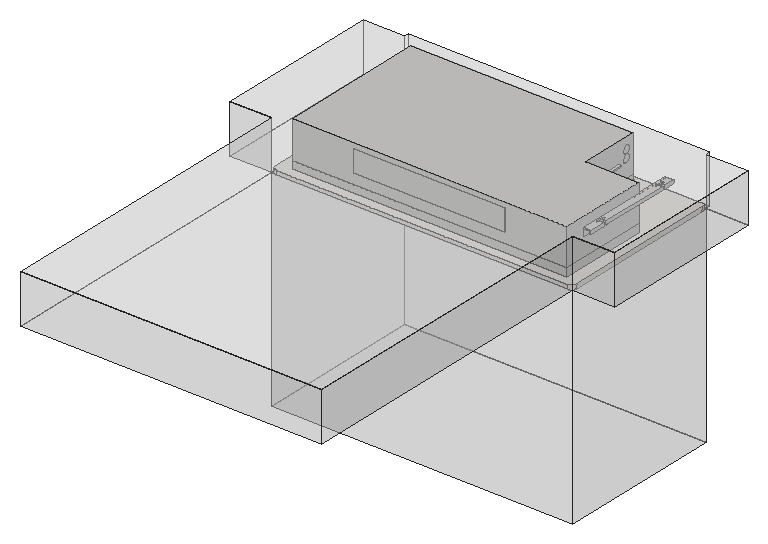
Revit family "outputfile", category 機械設備, Revit 2024
Family settings
  丸型コネクタ寸法 = 半径を使用
  パーツ タイプ = 標準
  OmniClass 番号 = 23.75.10.24.21.27.27
  OmniClass タイトル = Split System Air Conditioning Units
  作業面ベース = いいえ
  常に垂直 = はい
  ロード時にボイドで切り取り = いいえ
  注釈の向きを維持 = いいえ
  共有 = いいえ
  部屋計算ポイント = はい
Parameters (values of type "FXKQ63MAVE4")
  Description = ""
  製造元 = "Daikin"
  書き出し IFC クラス(タイプ) = "IfcUnitaryEquipmentType"
  定義済み IFC タイプ(タイプ) = "AIRCONDITIONINGUNIT"
  Cost = 0
  モデル = "FXKQ63MAVE4"
  Type Comments = ""
  Keynote = ""
  Type Image = (empty or 0)
  Assembly Code = ""
  w_mountinghole = if(Width = 1240.0 mm, 1150.0 mm, 1350.0 mm)  # 1350.0 mm
  w_casing = if(Width = 1240.0 mm, 1110.0 mm, 1310.0 mm)  # 1310.0 mm
  w_block = if(Width = 1240.0 mm, 520.0 mm, 720.0 mm)  # 720.0 mm
  r_OAduct = OA Duct Size Diameter / 2  # 37.5 mm
  r_Liquid Pipe Size = Liquid Pipe Size / 2  # 4.75 mm
  r_Gas Pipe Size = Gas Pipe Size / 2  # 7.95 mm
  r_Drain Pipe Size = Drain Pipe Size / 2  # 12.5 mm
  lw_powersuply = (Width - 130.0 mm) / 2 - 250.0 mm  # 405.0 mm
  lw_gaspipe = 148.0 mm  # constant formula
  lw_drainpipe = 67.0 mm  # constant formula
  lw_liquidpipe = 215.0 mm  # constant formula
  lw_OA = w_casing / 2  # 655.0 mm
  lh_powersuply = 165.0 mm  # constant formula
  lh_liquidpipe = 140.0 mm  # constant formula
  lh_gaspipe = 140.0 mm  # constant formula
  lh_drainpipe = 170.0 mm  # constant formula
  lh_OA = 65.0 mm  # constant formula
  ld_powersuply = 314.0 mm  # constant formula
  ld_liquidpipe = 230.0 mm  # constant formula
  ld_gaspipe = 165.0 mm  # constant formula
  ld_drainpipe = 122.0 mm  # constant formula
  ld_OA = 60.0 mm  # constant formula
  h_mountinghole = 170.0 mm  # constant formula
  h_casing = 215.0 mm  # constant formula
  h_antenna = h_casing - h_mountinghole + 1.0 mm  # 46.0 mm
  d_mountinghole = 350.0 mm  # constant formula
  d_casing = 710.0 mm  # constant formula
  Width = 1440.0 mm
  Voltage_comment_60Hz = "220"
  Voltage_comment_50Hz = "220-240"
  Voltage_60Hz = 220 V
  Voltage_50Hz = 220 V
  Version = "ver.1.0"
  Unit Type = "Single Flow Cassette Type"
  Unit Mass Weight = 34.00 kg
  Unit Designation [instance] = ""
  Uniclass2015Version = "Products v1.30"
  Uniclass2015Title = "Variable refrigerant flow units"
  Uniclass2015Code = "Pr_70_65_03_94"
  URL = ""
  Total Heating Capacity [instance] = 0.000 kW
  Total Cooling Capacity [instance] = 0.000 kW
  Sound Pressure Level_M speed (dBA) = 0
  Sound Pressure Level_L speed (dBA) = 38
  Sound Pressure Level_H speed (dBA) = 43
  Series = "VRV Fan Coil Unit"
  Sensible Cooling Capacity [instance] = 0.000 kW
  Refrigerant Type = "R410A"
  Power Input (Heating) = 0.085 kW
  Power Input (Cooling) = 0.105 kW
  Phase_60Hz = 1
  Phase_50Hz = 1
  Option Accessory 3 [instance] = ""
  Option Accessory 2 [instance] = ""
  Option Accessory 1 [instance] = ""
  OA Duct Size Diameter = 75.0 mm
  Nominal Heating Capacity = 8.000 kW
  Nominal Cooling Capacity = 7.100 kW
  Minimum Circuit Amps_60Hz = 0.6 A
  Minimum Circuit Amps_50Hz = 0.5 A
  Minimum Airflow = 900.00 m³/h
  Median Airflow = 0.00 m³/h
  Maximum Fuse Amps_60Hz = 15.0 A
  Maximum Fuse Amps_50Hz = 15.0 A
  Maximum Airflow = 1080.00 m³/h
  Material_Casing = DAIKIN_GalvanizedSteel_Casing_indoorunit
  Load Classification = HVAC
  Liquid Pipe Size = 9.5 mm
  Link_Nested Family [instance] = ""
  IfcVersion = "0"
  IfcExportType = "AIRCONDITIONINGUNIT"
  IfcExportAs = "IfcUnitaryEquipmentType"
  Height = 235.0 mm
  Heating Entering Wet Bulb Temperature [instance] = 0.00 °C
  Heating Entering Dry Bulb Temperature [instance] = 0.00 °C
  Heating Ambient Wet Bulb Temperature [instance] = 0.00 °C
  Heating Ambient Dry Bulb Temperature [instance] = 0.00 °C
  Heat Exchanger Type = "Cross Fin Coil"
  Gas Pipe Size = 15.9 mm
  Frequency_60Hz = 60 Hz
  Frequency_50Hz = 50 Hz
  Fan Type = "Sirocco Fan"
  Fan Drive = "Direct Drive"
  FCU Tag No. [instance] = ""
  Drain Pipe Size = 25.0 mm
  Design Supply Airflow [instance] = 0.00 m³/h
  Design Outdoor Airflow [instance] = 0.00 m³/h
  Depth = 800.0 mm
  既定の高さ = 0.0 mm
  Cooling Entering Wet Bulb Temperature [instance] = 0.00 °C
  Cooling Entering Dry Bulb Temperature [instance] = 0.00 °C
  Cooling Ambient Wet Bulb Temperature [instance] = 0.00 °C
  Cooling Ambient Dry Bulb Temperature [instance] = 0.00 °C
  Clearance visibility [instance] = yes
  Clearance Top = 0.0 mm
  Clearance Right = 200.0 mm
  Clearance Rear = 20.0 mm
  Clearance Left = 200.0 mm
  Clearance Front = 1500.0 mm
  Clearance Bottom = 1000.0 mm
Reference planes
  plane 1 "Center (Front/Back)": y = 0
  plane 2 "ceiling plane": z = 0
  plane 3 "Center (Left/Right)": x = 0
  plane 4 "Back": y = 400
  plane 5 "Front": y = -400
  plane 6 "Left": x = -720
  plane 7 "Right": x = 720
  plane 8 "Top": z = 215
  plane 9 "Bottom": z = -20
  plane 10: x = -655
  plane 11: x = 655
  plane 12: y = 355
  plane 13: y = -355
  plane 14: x = 405
  plane 15: y = 75
  plane 16: y = 175
  plane 17: y = -175
  plane 18: x = -675
  plane 19: x = 675
  plane 20: z = 140
  plane 21: x = 440
  plane 22: y = 230
  plane 23: z = 140
  plane 24: x = 507
  plane 25: y = 165
  plane 26: z = 170
  plane 27: x = 588
  plane 28: y = 122
  plane 29: z = 140
  plane 30: x = -360
  plane 31: x = 360
  plane 32: y = 314
  plane 33: z = 165
  plane 34: x = 440
  plane 35: x = 507
  plane 36: x = 588
  plane 37 "Clearance Rear": y = 420
  plane 38 "Clearance Front": y = -1900
  plane 39 "Clearance Left": x = -920
  plane 40 "Clearance Right": x = 920
  plane 41 "Clearance Top": z = 215
  plane 42 "Clearance Bottom": z = -1020
  plane 43: y = 314
  plane 44: y = 295
  plane 45: z = 150
  plane 46: y = -298
  plane 47: x = -626.5
Forms (mm)
  Extrusion 1, solid, material "DAIKIN_GalvanizedSteel_Casing_indoorunit" <- "Material_Casing"
    sketch origin (0, 0, 0) x (1, 0, 0) y (0, 1, 0)
      loop
        line (-655, 355) -> (-655, -355) -> (655, -355) -> (655, 75) -> (405, 75) -> (405, 355) -> (-655, 355)
    from 38 to 215
  Extrusion 2, solid
    sketch origin (0, 0, 0) x (1, 0, 0) y (0, 0, 1)
      loop
        circle (440, 140) r 4.75
    from 0 to -230
  Extrusion 3, solid
    sketch origin (0, 0, 0) x (1, 0, 0) y (0, 0, 1)
      loop
        circle (507, 140) r 7.95
    from 0 to -165
  Extrusion 4, solid
    sketch origin (0, 0, 0) x (1, 0, 0) y (0, 0, 1)
      loop
        circle (588, 170) r 12.5
    from 0 to -122
  Extrusion 5, solid, material "DAIKIN_GalvanizedSteel_Casing_indoorunit" <- "Material_Casing"
    sketch origin (-1374.64, -355, 1200) x (-1, 0, 0) y (0, 0, 1)
      loop
        line (-1014.64, -1010) -> (-1734.64, -1010) -> (-1734.64, -1110) -> (-1014.64, -1110) -> (-1014.64, -1010)
    from 0 to 5
  Extrusion 6, solid, material "DAIKIN_GalvanizedSteel_Casing_indoorunit" <- "Material_Casing"
    sketch origin (405, 75, 0) x (0, 1, 0) y (0, 0, 1)
      loop
        arc (74.992, 72.003) -> (85, 70) -> (95.008, 72.003) r 26
        line (95.008, 72.003) -> (117.626, 81.437)
        arc (117.626, 81.437) -> (127, 96) -> (117.626, 110.563) r 16
        line (117.626, 110.563) -> (95.008, 119.997)
        arc (95.008, 119.997) -> (85, 122) -> (74.992, 119.997) r 26
        line (74.992, 119.997) -> (52.374, 110.563)
        arc (52.374, 110.563) -> (43, 96) -> (52.374, 81.437) r 16
        line (52.374, 81.437) -> (74.992, 72.003)
      loop
        circle (85, 96) r 20
    from 0 to 5
  Extrusion 7, solid, material "DAIKIN_GalvanizedSteel_Casing_indoorunit" <- "Material_Casing"
    sketch origin (405, 75, 0) x (0, 1, 0) y (0, 0, 1)
      loop
        circle (85, 96) r 7
    from 0 to 18
  Extrusion 8, solid, material "DAIKIN_GalvanizedSteel_Casing_indoorunit" <- "Material_Casing"
    sketch origin (-655, 1296.25, 1200) x (0, 1, 0) y (0, 0, 1)
      loop
        circle (-1001.25, -1050) r 37.5
    from 0 to 5
  Extrusion 9, solid, material "DAIKIN_GalvanizedSteel_Casing_indoorunit" <- "Material_Casing"
    sketch origin (405, 75, 0) x (0, 1, 0) y (0, 0, 1)
      loop
        circle (239, 165) r 17
      loop
        circle (239, 125.153) r 17
    from 0 to -5
  Extrusion 10, solid, material "DAIKIN_GalvanizedSteel_Casing_indoorunit" <- "Material_Casing"
    sketch origin (-1374.64, 355, 1200) x (-1, 0, 0) y (0, 0, 1)
      loop
        circle (-750.64, -1087) r 20
    from 0 to -5
Dimensions and locks
  "Width": plane 6 "Left" to plane 7 "Right"
  "Depth": plane 4 "Back" to plane 5 "Front"
  "Height": plane 8 "Top" to plane 9 "Bottom"
  equal spacing: plane 12, plane 1 "Center (Front/Back)", plane 13
  "d_casing": plane 12 to plane 13
  locked: plane 6 "Left" to plane 10 at 65
  plane 11 to plane 7 "Right" = 65.0 mm
  equal spacing: plane 6 "Left", plane 3 "Center (Left/Right)", plane 7 "Right"
  "w_casing": plane 10 to plane 11
  locked: plane 14 to plane 11 at 250
  locked: plane 12 to plane 15 at 280
  "h_casing": plane 8 "Top" to level
  equal spacing: plane 16, plane 1 "Center (Front/Back)", plane 17
  "d_mountinghole": plane 16 to plane 17
  equal spacing: plane 18, plane 3 "Center (Left/Right)", plane 19
  "w_mountinghole": plane 18 to plane 19
  "lw_liquidpipe": plane 11 to plane 21
  "lh_liquidpipe": plane 20 to level
  "ld_liquidpipe": plane 1 "Center (Front/Back)" to plane 22
  "lh_gaspipe": plane 23 to level
  "lw_gaspipe": plane 11 to plane 24
  "ld_gaspipe": plane 1 "Center (Front/Back)" to plane 25
  "lh_drainpipe": plane 26 to level
  "lw_drainpipe": plane 11 to plane 27
  "ld_drainpipe": plane 1 "Center (Front/Back)" to plane 28
  locked: plane 29 to level at 140
  Extrusion 5 sketch curve to plane 29 to Extrusion 5 sketch curve = 50.0 mm locked, 50.0 mm locked
  equal spacing: plane 31, plane 3 "Center (Left/Right)", plane 30
  "w_block": plane 31 to plane 30
  locked: plane 1 "Center (Front/Back)" to Extrusion 6 sketch curve at 160
  locked: Extrusion 6 sketch curve to level at 96
  plane 1 "Center (Front/Back)" to Extrusion 7 sketch curve = 160.0 mm
  Extrusion 7 sketch curve to level = 96.0 mm
  locked: plane 12 to Extrusion 8 sketch curve at 60
  locked: plane 8 "Top" to Extrusion 8 sketch curve at 65
  locked: Extrusion 10 sketch curve to plane 10 at 31
  locked: plane 8 "Top" to Extrusion 10 sketch curve at 102
  "lh_powersuply": plane 33 to level
  "lw_drainpipe": plane 36 to plane 11
  "lw_gaspipe": plane 35 to plane 11
  "lw_liquidpipe": plane 34 to plane 11
  "lw_powersuply": plane 3 "Center (Left/Right)" to Extrusion 1
  "Clearance Left": plane 39 "Clearance Left" to plane 6 "Left"
  "Clearance Right": plane 7 "Right" to plane 40 "Clearance Right"
  "Clearance Front": plane 5 "Front" to plane 38 "Clearance Front"
  "Clearance Rear": plane 37 "Clearance Rear" to plane 4 "Back"
  "Clearance Top": plane 41 "Clearance Top" to plane 8 "Top"
  "Clearance Bottom": plane 9 "Bottom" to plane 42 "Clearance Bottom"
  "ld_powersuply": plane 43 to plane 1 "Center (Front/Back)"
  "ld_powersuply": plane 1 "Center (Front/Back)" to Extrusion 9 sketch curve
  "ld_OA": plane 12 to plane 44
  "lh_OA": plane 41 "Clearance Top" to plane 45
  locked: plane 46 to plane 13 at 57
  locked: plane 6 "Left" to plane 47 at 93.5
  "r_Liquid Pipe Size": radius of Extrusion 2 sketch curve
  "r_Gas Pipe Size": radius of Extrusion 3 sketch curve
  "r_Drain Pipe Size": radius of Extrusion 4 sketch curve
  aligned and locked: level to plane 2 "ceiling plane"
  aligned and locked: plane 6 "Left" to nested 1
  aligned and locked: plane 7 "Right" to nested 1
  aligned and locked: plane 4 "Back" to nested 1
  aligned and locked: plane 5 "Front" to nested 1
  aligned and locked: plane 9 "Bottom" to nested 1
  aligned and locked: Extrusion 1 sketch curve to plane 10
  aligned and locked: plane 12 to Extrusion 1 sketch curve
  aligned and locked: Extrusion 1 sketch curve to plane 13
  aligned and locked: plane 11 to Extrusion 1 sketch curve
  aligned and locked: Extrusion 1 sketch curve to plane 15
  aligned and locked: plane 14 to Extrusion 1 sketch curve
  aligned and locked: Extrusion 1 to nested 1
  aligned and locked: plane 8 "Top" to Extrusion 1
  aligned and locked: plane 11 to nested 2
  aligned and locked: plane 10 to nested 3
  aligned and locked: nested 7 to plane 16
  aligned and locked: plane 19 to nested 7
  aligned and locked: nested 6 to plane 17
  aligned and locked: plane 19 to nested 6
  aligned and locked: nested 4 to plane 16
  aligned and locked: plane 18 to nested 4
  aligned and locked: nested 5 to plane 17
  aligned and locked: plane 18 to nested 5
  aligned and locked: plane 20 to Extrusion 2 sketch curve
  aligned and locked: plane 21 to Extrusion 2 sketch curve
  aligned and locked: plane 22 to Extrusion 2
  aligned and locked: plane 23 to Extrusion 3 sketch curve
  aligned and locked: plane 24 to Extrusion 3 sketch curve
  aligned and locked: plane 25 to Extrusion 3
  aligned and locked: plane 26 to Extrusion 4 sketch curve
  aligned and locked: plane 27 to Extrusion 4 sketch curve
  aligned and locked: plane 28 to Extrusion 4
  aligned and locked: plane 30 to Extrusion 5 sketch curve
  aligned and locked: Extrusion 5 sketch curve to plane 31
  aligned and locked: plane 32 to Extrusion 9 sketch curve
  aligned and locked: plane 33 to Extrusion 9 sketch curve
  aligned and locked: nested 8 to plane 34
  aligned and locked: plane 22 to nested 8
  aligned and locked: nested 9 to plane 35
  aligned and locked: plane 25 to nested 9
  aligned and locked: nested 10 to plane 36
  aligned and locked: plane 28 to nested 10
  aligned and locked: Extrusion 1 to nested 11
  aligned and locked: plane 43 to nested 11
  aligned and locked: nested 12 to plane 44
  aligned and locked: nested 12 to plane 10
  aligned and locked: nested 12 to plane 45
  aligned and locked: plane 1 "Center (Front/Back)" to nested 14
  aligned and locked: nested 14 to plane 3 "Center (Left/Right)"
  aligned and locked: plane 41 "Clearance Top" to nested 14
  aligned and locked: nested 13 to plane 46
  aligned and locked: plane 47 to nested 13
Automatic sketch dimensions
  Extrusion 6 sketch curve to Extrusion 6 sketch curve = 0.0 mm  (x4)
  Extrusion 1 to Extrusion 6 sketch curve = 34.003 mm  (x2)
  Extrusion 6 sketch curve to Extrusion 6 sketch curve = 10.008 mm  (x2)
  Extrusion 6 sketch curve to Extrusion 6 sketch curve = 26.0 mm  (x2)
  Extrusion 6 sketch curve to Extrusion 6 sketch curve = 6.626 mm  (x4)
  Extrusion 6 sketch curve to Extrusion 6 sketch curve = 20.016 mm
  Extrusion 1 to Extrusion 6 sketch curve = 43.437 mm
  Extrusion 6 sketch curve to Extrusion 6 sketch curve = 9.433 mm  (x2)
  Extrusion 6 sketch curve to Extrusion 6 sketch curve = 14.563 mm  (x2)
  Extrusion 9 sketch curve to Extrusion 9 sketch curve = 39.847 mm
  radius of Extrusion 6 sketch curve = 20.0 mm
  radius of Extrusion 7 sketch curve = 7.0 mm
  radius of Extrusion 8 sketch curve = 37.5 mm
  radius of Extrusion 10 sketch curve = 20.0 mm
  radius of Extrusion 9 sketch curve = 17.0 mm  (x2)
Nested families
  nested 1: "daikin_round flow_panel" at (0, 0, 0), type "fresh white"
    with width 1440.0 mm, w_casing 1310.0 mm, W 1440.0 mm
  nested 2: "daikin_hangerfixture_FXKQ-MAVE4" at (655, -12.527, 170) x (0, 1, 0) z (0, 0, 1), built-in parameter 1001364 <- "h_mountinghole", type "daikin_hangerfixture_FXKQ-MAVE4"
  nested 3: "daikin_hangerfixture_FXKQ-MAVE4" at (-655, -12.527, 170) x (0, 1, 0) z (0, 0, 1), built-in parameter 1001364 <- "h_mountinghole", type "daikin_hangerfixture_FXKQ-MAVE4"
  nested 4: "daikin_mountinghole" at (-675, 175, 0), l_antenna <- "h_antenna", Link_Nested Family <- "Link_Nested Family", h_mountinghole <- "h_mountinghole", type "daikin_mountinghole"
    with show yes, l_antenna 46.0 mm, h_mountinghole 170.0 mm, Link_Nested Family ""
  nested 5: "daikin_mountinghole" at (-675, -175, 0), l_antenna <- "h_antenna", Link_Nested Family <- "Link_Nested Family", h_mountinghole <- "h_mountinghole", type "daikin_mountinghole"
    with show yes, l_antenna 46.0 mm, h_mountinghole 170.0 mm, Link_Nested Family ""
  nested 6: "daikin_mountinghole" at (675, -175, 0), l_antenna <- "h_antenna", Link_Nested Family <- "Link_Nested Family", h_mountinghole <- "h_mountinghole", type "daikin_mountinghole"
    with show yes, l_antenna 46.0 mm, h_mountinghole 170.0 mm, Link_Nested Family ""
  nested 7: "daikin_mountinghole" at (675, 175, 0), l_antenna <- "h_antenna", Link_Nested Family <- "Link_Nested Family", h_mountinghole <- "h_mountinghole", type "daikin_mountinghole"
    with show yes, l_antenna 46.0 mm, h_mountinghole 170.0 mm, Link_Nested Family ""
  nested 8: "daikin_connector_rotate2" at (440, 0, 140) x (-1, 0, 0) z (0, 0, 1), built-in parameter 1001364 <- "lh_liquidpipe", radius <- "r_Liquid Pipe Size", length <- "ld_liquidpipe", type "daikin_connector_rotate2"
    with radius 4.75 mm, length 230.0 mm, angle_vertical 90.00°, show_face no
  nested 9: "daikin_connector_rotate2" at (507, 0, 140) x (-1, 0, 0) z (0, 0, 1), built-in parameter 1001364 <- "lh_gaspipe", radius <- "r_Gas Pipe Size", length <- "ld_gaspipe", type "daikin_connector_rotate2"
    with radius 7.95 mm, length 165.0 mm, angle_vertical 90.00°, show_face no
  nested 10: "daikin_connector_rotate2" at (588, 0, 170) x (-1, 0, 0) z (0, 0, 1), built-in parameter 1001364 <- "lh_drainpipe", radius <- "r_Drain Pipe Size", length <- "ld_drainpipe", type "daikin_connector_rotate2"
    with radius 12.5 mm, length 122.0 mm, angle_vertical 90.00°, show_face no
  nested 11: "daikin_connector_rotate2" at (0, 314, 165) x (0, 1, 0) z (0, 0, 1), length <- "lw_powersuply", built-in parameter 1001364 <- "lh_powersuply", type "daikin_connector_rotate2"
    with radius 10.0 mm, length 405.0 mm, angle_vertical 90.00°, show_face no
  nested 12: "daikin_connector_rotate2" at (0, 295, 150) x (0, -1, 0) z (0, 0, 1), radius <- "r_OAduct", length <- "lw_OA", type "daikin_connector_rotate2"
    with radius 37.5 mm, length 655.0 mm, angle_vertical 90.00°, show_face no
  nested 13: "daikin_logo_plane_w40" at (-626.5, -298, -22), type "daikin_logo_plane_w40"
    with show_logo yes
  nested 14: "daikin_clearancespace_cassette" at (0, 0, 97.5), depth_outline <- "Depth", height_outline <- "Height", width_outline <- "Width", depth_front <- "Clearance Front", depth_rear <- "Clearance Rear", height_bottom <- "Clearance Bottom", height_top <- "Clearance Top", width_left <- "Clearance Left", width_right <- "Clearance Right", show <- "Clearance visibility", visible <- "Clearance visibility", Link_Nested Family <- "Link_Nested Family", type "daikin_clearancespace_cassette"
    with width_right 200.0 mm, width_outline 1440.0 mm, width_left 200.0 mm, width 1823.963 mm, show yes, height_top 0.0 mm, height_outline 235.0 mm, height_bottom 1000.0 mm, height 1359.762 mm, depth_rear 20.0 mm, depth_outline 800.0 mm, depth_front 1500.0 mm, depth 880.0 mm, Link_Nested Family ""
Connectors
  electrical at (405, 314, 165), driven by "Load Classification"
    settings: on nested 11, index 1, voltage 0 V, apparent load 0 VA, apparent load phase1 0 VA, apparent load phase2 0 VA, apparent load phase3 0 VA, power factor 1, load classification "HVAC", number of poles 1, system type 30, power factor state 1, is connector primary yes, connector utility no, sub classification motor no, connector description "Power Supply"
  piping at (440, 230, 140), diameter 9.5, driven by "r_Liquid Pipe Size"
    settings: on nested 8, index 2, connector inside diameter 609.6 mm, connector length 0.0 mm, flow factor 0, pipe flow 0.00 m³/h, pressure drop 0.0 Pa, fitting loss kfactor 0, connector angle 0.00°, fixture units 0, engagement length 0.0 mm, angle of deflection 0.00°, flow configuration 1, flow direction 1, fitting loss method 0, system type 29, joint type 0, gender type 0, connector reference index -1, connector utility 0, adjustable connector no, is connector primary yes, connector description "Refrigerant Liquid Piping"
  piping at (507, 165, 140), diameter 15.9, driven by "r_Gas Pipe Size"
    settings: on nested 9, index 3, connector inside diameter 609.6 mm, connector length 0.0 mm, flow factor 0, pipe flow 0.00 m³/h, pressure drop 0.0 Pa, fitting loss kfactor 0, connector angle 0.00°, fixture units 0, engagement length 0.0 mm, angle of deflection 0.00°, flow configuration 1, flow direction 2, fitting loss method 0, system type 29, joint type 0, gender type 0, connector reference index -1, connector utility 0, adjustable connector no, is connector primary no, connector description "Refrigerant Gas Piping"
  piping at (588, 122, 170), diameter 25, driven by "r_Drain Pipe Size"
    settings: on nested 10, index 4, connector inside diameter 609.6 mm, connector length 0.0 mm, flow factor 0, pipe flow 0.00 m³/h, pressure drop 0.0 Pa, fitting loss kfactor 0, connector angle 0.00°, fixture units 0, engagement length 0.0 mm, angle of deflection 0.00°, flow configuration 1, flow direction 2, fitting loss method 4, system type 16, joint type 0, gender type 0, connector reference index -1, connector utility 0, adjustable connector no, is connector primary no, connector description "Condensate Drain Piping"
  hvac at (-655, 295, 150), driven by "r_OAduct"
    settings: on nested 12, index 5, duct flow 0.00 m³/h, flow factor 0, pres drop 0.00 Pa, loss coef 0, conn angle 0.00°, conn width 304.8 mm, conn height 304.8 mm, conn diameter 75.0 mm, duct sys type 1, conn prof type 0, flow config 0, flow direction 1, loss method 4, conn ref index -1, conn util no, is conn primary yes, conn desc "OA Duct"
Definition of nested family "daikin_round flow_panel"
  Parameters (values of type "fresh white")
    width = if(W = 1240.0 mm, 1240.0 mm, 1440.0 mm)  # 1240.0 mm
    w_casing = width - 130.0 mm  # 1110.0 mm
    material_panel = none
    material_casing = none
    height = 58.0 mm  # constant formula
    depth = 800.0 mm  # constant formula
    d_casing = 710.0 mm  # constant formula
    W = 1240.0 mm
    Default Elevation = 0.0 mm
  Reference planes
    plane 1 "Center (Front/Back)": y = 0
    plane 2: z = 0
    plane 3 "Center (Left/Right)": x = 0
    plane 4: y = 400
    plane 5: y = -400
    plane 6: x = -620
    plane 7: x = 620
    plane 8 "Bottom": z = -20
    plane 9: y = 355
    plane 10: y = -355
    plane 11: x = -555
    plane 12: x = 555
    plane 13: z = 38
    plane 14: x = -563
    plane 15: x = 563
    plane 16: y = 341
    plane 17: y = -350
    plane 18: y = 71
    plane 19: y = -228
    plane 20: x = -490
    plane 21: x = 490
    plane 22: x = 305
    plane 23: y = 75
  Forms (mm)
    Extrusion 1, solid, material <- "material_casing"
      sketch origin (0, 0, 0) x (1, 0, 0) y (0, 1, 0)
        loop
          line (-555, 355) -> (-555, -355) -> (555, -355) -> (555, 355) -> (-555, 355)
      from 0 to 38
    Extrusion 2, solid, material <- "material_panel"
      sketch origin (0, 0, 0) x (1, 0, 0) y (0, 1, 0)
        loop
          arc (-595, 400) -> (-612.678, 392.678) -> (-620, 375) r 25
          line (-620, 375) -> (-620, -375)
          arc (-620, -375) -> (-612.678, -392.678) -> (-595, -400) r 25
          line (-595, -400) -> (595, -400)
          arc (595, -400) -> (612.678, -392.678) -> (620, -375) r 25
          line (620, -375) -> (620, 375)
          arc (620, 375) -> (612.678, 392.678) -> (595, 400) r 25
          line (595, 400) -> (-595, 400)
      from 0 to -20
    Extrusion 3, void
      sketch origin (0, 0, 0) x (1, 0, 0) y (0, 1, 0)
        loop
          line (-563, 400) -> (-563, -400) -> (563, -400) -> (563, 400) -> (-563, 400)
      from -10 to -20
    Extrusion 4, solid, material <- "material_panel"
      sketch origin (0, 0, 0) x (1, 0, 0) y (0, 1, 0)
        loop
          line (-563, 400) -> (-563, 341) -> (563, 341) -> (563, 400) -> (-563, 400)
        loop
          line (-563, -350) -> (-563, -400) -> (563, -400) -> (563, -350) -> (-563, -350)
      from -20 to -10
    Extrusion 5, solid, material <- "material_panel"
      sketch origin (0, 0, 0) x (1, 0, 0) y (0, 1, 0)
        loop
          line (-563, 341) -> (-563, 71) -> (563, 71) -> (563, 341) -> (-563, 341)
      from -20 to -10
    Extrusion 6, solid, material <- "material_panel"
      sketch origin (0, 0, 0) x (1, 0, 0) y (0, 1, 0)
        loop
          line (-563, 71) -> (-563, -228) -> (563, -228) -> (563, 71) -> (-563, 71)
      from -20 to -10
    Extrusion 7, solid, material <- "material_panel"
      sketch origin (0, 0, 0) x (1, 0, 0) y (0, 1, 0)
        loop
          line (-563, -228) -> (-563, -350) -> (-490, -350) -> (-490, -228) -> (-563, -228)
        loop
          line (490, -228) -> (490, -350) -> (563, -350) -> (563, -228) -> (490, -228)
      from -20 to -10
    Extrusion 8, solid, material <- "material_panel"
      sketch origin (0, 0, 0) x (1, 0, 0) y (0, 1, 0)
        loop
          line (-490, -228) -> (-490, -350) -> (-472, -350) -> (-472, -228) -> (-490, -228)
        loop
          line (472, -228) -> (472, -350) -> (490, -350) -> (490, -228) -> (472, -228)
      from -20 to -10
    Extrusion 9, solid, material <- "material_panel"
      sketch origin (0, 0, 0) x (1, 0, 0) y (0, 1, 0)
        loop
          line (-472, -228) -> (-472, -350) -> (472, -350) -> (472, -228) -> (-472, -228)
      from -20 to -10
    Extrusion 10, void
      sketch origin (0, 0, 0) x (1, 0, 0) y (0, 1, 0)
        loop
          line (305, 355) -> (305, 75) -> (555, 75) -> (555, 355) -> (305, 355)
      from 38 to 0
  Cuts and joins
    Extrusion 3, Extrusion 10 cuts Extrusion 1
    Extrusion 3, Extrusion 10 cuts Extrusion 2
    Extrusion 10 cuts Extrusion 4
    joined: Extrusion 2, Extrusion 4
  Dimensions and locks
    "width": plane 6 to plane 7
    "depth": plane 4 to plane 5
    equal spacing: plane 6, plane 3 "Center (Left/Right)", plane 7
    equal spacing: plane 4, plane 1 "Center (Front/Back)", plane 5
    equal spacing: plane 9, plane 1 "Center (Front/Back)", plane 10
    "d_casing": plane 9 to plane 10
    equal spacing: plane 11, plane 3 "Center (Left/Right)", plane 12
    "w_casing": plane 11 to plane 12
    locked: level to plane 8 "Bottom" at 20
    locked: plane 6 to plane 14 at 57
    locked: plane 15 to plane 7 at 57
    "height": plane 13 to plane 8 "Bottom"
    locked: plane 4 to plane 16 at 59
    locked: plane 17 to plane 5 at 50
    locked: cut or joined group of Extrusion 2, Extrusion 3, Extrusion 4, Extrusion 10 to plane 18 at 270
    locked: plane 19 to Extrusion 5 at 299
    locked: plane 14 to plane 20 at 73
    locked: plane 21 to plane 15 at 73
    locked: plane 9 to plane 23 at 280
    locked: plane 22 to plane 12 at 250
    plane 6 to Extrusion 8 sketch curve to Extrusion 8 sketch curve = 130.0 mm locked, 18.0 mm locked
    Extrusion 8 sketch curve to Extrusion 8 sketch curve to plane 7 = 18.0 mm locked, 130.0 mm locked
    radius of Extrusion 2 sketch curve = 25.0 mm  (x4)
    aligned and locked: level to plane 2
    aligned and locked: plane 11 to Extrusion 1 sketch curve
    aligned and locked: Extrusion 1 sketch curve to plane 12
    aligned and locked: Extrusion 1 sketch curve to plane 9
    aligned and locked: plane 10 to Extrusion 1 sketch curve
    aligned and locked: Extrusion 1 to level
    aligned and locked: plane 13 to Extrusion 1
    aligned and locked: Extrusion 2 sketch curve to plane 4
    aligned and locked: plane 6 to Extrusion 2 sketch curve
    aligned and locked: plane 5 to Extrusion 2 sketch curve
    aligned and locked: Extrusion 2 sketch curve to plane 7
    aligned and locked: Extrusion 2 to plane 8 "Bottom"
    aligned and locked: level to Extrusion 2
    aligned and locked: plane 14 to Extrusion 3 sketch curve
    aligned and locked: Extrusion 3 sketch curve to plane 15
    aligned and locked: Extrusion 3 sketch curve to plane 4
    aligned and locked: plane 5 to Extrusion 3 sketch curve
    aligned and locked: plane 8 "Bottom" to Extrusion 3
    aligned and locked: plane 16 to Extrusion 4 sketch curve
    aligned and locked: Extrusion 4 sketch curve to plane 4
    aligned and locked: plane 14 to Extrusion 4 sketch curve  (x2)
    aligned and locked: Extrusion 4 sketch curve to plane 15  (x2)
    aligned and locked: Extrusion 4 sketch curve to plane 17
    aligned and locked: plane 5 to Extrusion 4 sketch curve
    aligned and locked: Extrusion 4 to cut or joined group of Extrusion 2, Extrusion 3, Extrusion 4, Extrusion 10
    aligned and locked: Extrusion 4 to plane 8 "Bottom"
    aligned and locked: Extrusion 5 sketch curve to cut or joined group of Extrusion 2, Extrusion 3, Extrusion 4, Extrusion 10  (x2)
    aligned and locked: Extrusion 5 sketch curve to plane 18
    aligned and locked: Extrusion 5 sketch curve to plane 15
    aligned and locked: Extrusion 5 to cut or joined group of Extrusion 2, Extrusion 3, Extrusion 4, Extrusion 10
    aligned and locked: Extrusion 5 to plane 8 "Bottom"
    aligned and locked: Extrusion 5 to Extrusion 6 sketch curve
    aligned and locked: Extrusion 6 sketch curve to plane 19
    aligned and locked: plane 14 to Extrusion 6 sketch curve
    aligned and locked: Extrusion 6 sketch curve to plane 15
    aligned and locked: Extrusion 6 to cut or joined group of Extrusion 2, Extrusion 3, Extrusion 4, Extrusion 10
    aligned and locked: Extrusion 6 to plane 8 "Bottom"
    aligned and locked: Extrusion 6 to Extrusion 7 sketch curve  (x2)
    aligned and locked: cut or joined group of Extrusion 2, Extrusion 3, Extrusion 4, Extrusion 10 to Extrusion 7 sketch curve  (x2)
    aligned and locked: plane 21 to Extrusion 7 sketch curve
    aligned and locked: Extrusion 7 sketch curve to plane 15
    aligned and locked: Extrusion 7 sketch curve to plane 20
    aligned and locked: plane 14 to Extrusion 7 sketch curve
    aligned and locked: Extrusion 7 to cut or joined group of Extrusion 2, Extrusion 3, Extrusion 4, Extrusion 10
    aligned and locked: Extrusion 7 to plane 8 "Bottom"
    aligned and locked: cut or joined group of Extrusion 2, Extrusion 3, Extrusion 4, Extrusion 10 to Extrusion 8
    aligned and locked: Extrusion 8 to plane 8 "Bottom"
    aligned and locked: Extrusion 6 to Extrusion 9 sketch curve
    aligned and locked: cut or joined group of Extrusion 2, Extrusion 3, Extrusion 4, Extrusion 10 to Extrusion 9 sketch curve
    aligned and locked: cut or joined group of Extrusion 2, Extrusion 3, Extrusion 4, Extrusion 10 to Extrusion 9
    aligned and locked: Extrusion 9 to plane 8 "Bottom"
    aligned and locked: Extrusion 10 sketch curve to plane 9
    aligned and locked: Extrusion 10 sketch curve to plane 23
    aligned and locked: plane 22 to Extrusion 10 sketch curve
    aligned and locked: Extrusion 10 sketch curve to plane 12
    aligned and locked: Extrusion 10 to plane 13
    aligned and locked: Extrusion 10 to level
  Automatic sketch dimensions
    plane 11 to Extrusion 9 sketch curve = 83.0 mm
    Extrusion 9 sketch curve to plane 12 = 83.0 mm
    plane 10 to Extrusion 8 sketch curve = 5.0 mm  (x2)
    Extrusion 8 sketch curve to Extrusion 8 sketch curve = 122.0 mm  (x2)
Definition of nested family "daikin_hangerfixture_FXKQ-MAVE4"
  Parameters (values of type "daikin_hangerfixture_FXKQ-MAVE4")
    width = 495.0 mm
    material = none
    height = 40.0 mm
    depth = 40.0 mm
    Default Elevation = 0.0 mm
  Reference planes
    plane 1 "Center (Front/Back)": y = 0
    plane 2: z = 0
    plane 3 "Center (Left/Right)": x = 0
    plane 4: y = 417.146
    plane 5: y = -40
    plane 6: x = -247.5
    plane 7: x = 247.5
    plane 8: z = -4.6
    plane 9: z = -16
    plane 10: y = -2.3
    plane 11: y = -35.4
    plane 12 "CENTER": y = -20
    plane 13: z = -40
  Forms (mm)
    Extrusion 1, solid, material <- "material"
      sketch origin (0, 0, 0) x (1, 0, 0) y (0, 1, 0)
        loop
          line (-247.5, -40) -> (-168.5, -40) -> (-168.5, -29)
          arc (-168.5, -29) -> (-169.379, -26.879) -> (-171.5, -26) r 3
          line (-171.5, -26) -> (-176.5, -26)
          arc (-176.5, -26) -> (-182.5, -20) -> (-176.5, -14) r 6
          line (-176.5, -14) -> (-148.5, -14)
          arc (-148.5, -14) -> (-142.5, -20) -> (-148.5, -26) r 6
          line (-148.5, -26) -> (-153.5, -26)
          arc (-153.5, -26) -> (-155.621, -26.879) -> (-156.5, -29) r 3
          line (-156.5, -29) -> (-156.5, -40) -> (181.5, -40) -> (181.5, -29)
          arc (181.5, -29) -> (180.621, -26.879) -> (178.5, -26) r 3
          line (178.5, -26) -> (173.5, -26)
          arc (173.5, -26) -> (167.5, -20) -> (173.5, -14) r 6
          line (173.5, -14) -> (201.5, -14)
          arc (201.5, -14) -> (207.5, -20) -> (201.5, -26) r 6
          line (201.5, -26) -> (196.5, -26)
          arc (196.5, -26) -> (194.379, -26.879) -> (193.5, -29) r 3
          line (193.5, -29) -> (193.5, -40) -> (247.5, -40) -> (247.5, 0) -> (-247.5, 0) -> (-247.5, -40)
      from 0 to -4.6
    Extrusion 2, solid, material <- "material"
      sketch origin (-1008.844, -40, 1200) x (-1, 0, 0) y (0, 0, 1)
        loop
          line (-761.344, -1200) -> (-840.344, -1200) -> (-840.344, -1210)
          arc (-840.344, -1210) -> (-838.587, -1214.243) -> (-834.344, -1216) r 6
          line (-834.344, -1216) -> (-767.344, -1216)
          arc (-767.344, -1216) -> (-763.102, -1214.243) -> (-761.344, -1210) r 6
          line (-761.344, -1210) -> (-761.344, -1200)
        loop
          line (-852.344, -1200) -> (-1190.344, -1200) -> (-1190.344, -1210)
          arc (-1190.344, -1210) -> (-1188.587, -1214.243) -> (-1184.344, -1216) r 6
          line (-1184.344, -1216) -> (-858.344, -1216)
          arc (-858.344, -1216) -> (-854.102, -1214.243) -> (-852.344, -1210) r 6
          line (-852.344, -1210) -> (-852.344, -1200)
        loop
          line (-1202.344, -1200) -> (-1256.344, -1200) -> (-1256.344, -1210)
          arc (-1256.344, -1210) -> (-1254.587, -1214.243) -> (-1250.344, -1216) r 6
          line (-1250.344, -1216) -> (-1208.344, -1216)
          arc (-1208.344, -1216) -> (-1204.102, -1214.243) -> (-1202.344, -1210) r 6
          line (-1202.344, -1210) -> (-1202.344, -1200)
      from 0 to 4.6
    Extrusion 3, solid, material <- "material"
      sketch origin (0, 0, 0) x (1, 0, 0) y (0, 0, 1)
        loop
          line (-237.5, -40) -> (237.5, -40)
          arc (237.5, -40) -> (244.571, -37.071) -> (247.5, -30) r 10
          line (247.5, -30) -> (247.5, 0) -> (-247.5, 0) -> (-247.5, -30)
          arc (-247.5, -30) -> (-244.571, -37.071) -> (-237.5, -40) r 10
      from 0 to 4.6
  Cuts and joins
    joined: Extrusion 1, Extrusion 2, Extrusion 3
  Dimensions and locks
    "width": plane 6 to plane 7
    "depth": plane 5 to plane 1 "Center (Front/Back)"
    plane 2 to plane 8 = 4.6 mm
    plane 10 to plane 1 "Center (Front/Back)" = 2.3 mm
    plane 11 to plane 5 = 4.6 mm
    equal spacing: plane 5, plane 12 "CENTER", plane 1 "Center (Front/Back)"
    plane 6 to plane 3 "Center (Left/Right)" = 247.5 mm
    plane 3 "Center (Left/Right)" to plane 7 = 247.5 mm
    "height": level to plane 13
    aligned and locked: level to plane 2
    aligned and locked: plane 2 to Extrusion 1
    aligned and locked: Extrusion 1 sketch curve to plane 5
    aligned and locked: Extrusion 1 sketch curve to plane 6
    aligned and locked: Extrusion 3 sketch curve to plane 13
    aligned and locked: Extrusion 3 sketch curve to cut or joined group of Extrusion 1, Extrusion 2, Extrusion 3  (x2)
    aligned and locked: Extrusion 3 sketch curve to plane 6
  Automatic sketch dimensions
    Extrusion 2 sketch curve to plane 9 = 0.0 mm  (x3)
    Extrusion 2 sketch curve to level = 0.0 mm  (x3)
    Extrusion 2 sketch curve to Extrusion 2 sketch curve = 6.0 mm  (x3)
    Extrusion 2 sketch curve to Extrusion 2 sketch curve = 18.0 mm
    plane 9 to Extrusion 2 sketch curve = 6.0 mm  (x2)
    plane 6 to Extrusion 2 sketch curve = 6.0 mm
    Extrusion 2 sketch curve to plane 7 = 0.0 mm
    Extrusion 2 sketch curve to plane 6 = 0.0 mm
    Extrusion 2 sketch curve to Extrusion 2 sketch curve = 42.0 mm
    Extrusion 2 sketch curve to Extrusion 2 sketch curve = 12.0 mm
    Extrusion 2 sketch curve to Extrusion 2 sketch curve = 91.0 mm
    Extrusion 1 sketch curve to plane 12 "CENTER" = 0.0 mm  (x4)
    Extrusion 1 sketch curve to plane 5 = 0.0 mm  (x2)
    Extrusion 1 sketch curve to plane 7 = 0.0 mm
    plane 1 "Center (Front/Back)" to Extrusion 1 sketch curve = 0.0 mm
    Extrusion 1 sketch curve to plane 12 "CENTER" = 6.0 mm  (x2)
    plane 6 to Extrusion 1 sketch curve = 71.0 mm
    Extrusion 1 sketch curve to Extrusion 1 sketch curve = 5.0 mm  (x4)
    Extrusion 1 sketch curve to Extrusion 1 sketch curve = 3.0 mm  (x4)
    Extrusion 1 sketch curve to Extrusion 1 sketch curve = 12.0 mm  (x2)
    Extrusion 1 sketch curve to plane 7 = 74.0 mm
    plane 6 to Extrusion 3 sketch curve = 10.0 mm
    Extrusion 3 sketch curve to plane 7 = 10.0 mm
Definition of nested family "daikin_logo_plane_w40"
  Parameters (values of type "daikin_logo_plane_w40")
    width = 40.0 mm
    show_logo [instance] = yes
    material = none
    height = 0.0 mm
    depth = 0.0 mm
    Default Elevation = 0.0 mm
  Reference planes
    plane 1 "Center (Front/Back)": y = 0
    plane 2: z = 0
    plane 3 "Center (Left/Right)": x = 0
    plane 4: z = 2
    plane 5 "left": x = -19
    plane 6: x = 19
  Forms (mm)
    Extrusion 1, solid, visible <- "show_logo"
      sketch origin (-19, 0, 0) x (1, 0, 0) y (0, 1, 0)
        loop
          line (8.902, -1.878) -> (7.789, -6.332) -> (11.13, -6.332)
          arc (11.13, -6.332) -> (12.454, -6.064) -> (13.472, -5.176) r 2.642
          arc (13.472, -5.176) -> (13.92, -4.02) -> (13.767, -2.79) r 2.537
          arc (13.767, -2.79) -> (13.452, -2.342) -> (12.982, -2.06) r 1.321
          arc (12.982, -2.06) -> (12.063, -1.902) -> (11.13, -1.878) r 6.479
          line (11.13, -1.878) -> (8.902, -1.878)
        loop
          line (10.016, -5.441) -> (10.907, -5.441)
          arc (10.907, -5.441) -> (11.591, -4.983) -> (11.988, -4.261) r 1.742
          spline (11.988, -4.261) -> (12.01, -4.155) -> (12.027, -4.03) -> (12.037, -3.893) -> (12.037, -3.747) -> (12.026, -3.598) -> (12.002, -3.451) -> (11.962, -3.31) -> (11.905, -3.181) -> (11.829, -3.069) -> (11.731, -2.978) -> (11.61, -2.913) -> (11.464, -2.88)
          line (11.464, -2.88) -> (10.573, -2.88) -> (10.016, -5.441)
        loop
          line (13.58, -6.332) -> (14.805, -6.332) -> (15.223, -5.553) -> (16.977, -5.553) -> (17.144, -6.332) -> (19.149, -6.332) -> (18.258, -1.878) -> (16.03, -1.878) -> (13.58, -6.332)
        loop
          line (16.476, -3.214) -> (15.76, -4.551) -> (16.762, -4.551) -> (16.476, -3.214)
        loop
          line (19.705, -6.332) -> (21.599, -6.332) -> (22.712, -1.878) -> (20.819, -1.878) -> (19.705, -6.332)
        loop
          line (22.712, -6.332) -> (24.606, -6.332) -> (24.908, -5.122) -> (25.831, -6.332) -> (28.17, -6.332) -> (26.388, -3.994) -> (28.949, -1.878) -> (26.945, -1.878) -> (25.401, -3.153) -> (25.719, -1.878) -> (23.826, -1.878) -> (22.712, -6.332)
        loop
          line (29.84, -1.878) -> (28.615, -6.332) -> (30.62, -6.332) -> (31.734, -1.878) -> (29.84, -1.878)
        loop
          line (31.734, -6.332) -> (33.07, -6.332) -> (33.7, -3.814) -> (34.518, -6.332) -> (36.745, -6.332) -> (37.859, -1.878) -> (36.523, -1.878) -> (35.845, -4.589) -> (34.963, -1.878) -> (32.847, -1.878) -> (31.734, -6.332)
      from 0 to 2
    Extrusion 2, solid, visible <- "show_logo"
      sketch origin (-19, 0, 0) x (1, 0, 0) y (0, 1, 0)
        loop
          line (8.7, 0) -> (4.235, 0) -> (0, -3.879) -> (0, -8) -> (8.7, 0)
      from 0 to 2
    Extrusion 3, solid, visible <- "show_logo"
      sketch origin (-19, 0, 0) x (1, 0, 0) y (0, 1, 0)
        loop
          line (0, 0) -> (0, -3.879) -> (4.235, 0) -> (0, 0)
      from 0 to 2
  Dimensions and locks
    plane 4 to plane 2 = 2.0 mm
    equal spacing: plane 5 "left", plane 3 "Center (Left/Right)", plane 6
    locked: plane 5 "left" to plane 6 at 38
    aligned and locked: level to plane 2
    aligned and locked: Extrusion 3 to plane 1 "Center (Front/Back)"  (x2)
    aligned and locked: Extrusion 2 to plane 1 "Center (Front/Back)"  (x2)
    aligned and locked: plane 4 to Extrusion 1
    aligned and locked: plane 4 to Extrusion 3
    aligned and locked: plane 4 to Extrusion 2
    aligned and locked: Extrusion 3 to plane 5 "left"
    aligned and locked: Extrusion 2 to plane 5 "left"
  Automatic sketch dimensions
    Extrusion 1 sketch curve to Extrusion 1 sketch curve = 0.901 mm
    Extrusion 1 sketch curve to Extrusion 1 sketch curve = 1.559 mm
    Extrusion 1 sketch curve to Extrusion 1 sketch curve = 1.327 mm
    Extrusion 1 sketch curve to Extrusion 1 sketch curve = 2.145 mm
    Extrusion 1 sketch curve to Extrusion 1 sketch curve = 1.448 mm
    Extrusion 1 sketch curve to Extrusion 1 sketch curve = 2.116 mm
    Extrusion 1 sketch curve to Extrusion 1 sketch curve = 1.114 mm  (x4)
    Extrusion 1 sketch curve to Extrusion 1 sketch curve = 1.336 mm  (x2)
    plane 1 "Center (Front/Back)" to Extrusion 1 sketch curve = 1.878 mm  (x5)
    Extrusion 1 sketch curve to Extrusion 1 sketch curve = 1.893 mm  (x5)
    Extrusion 1 sketch curve to Extrusion 1 sketch curve = 0.891 mm  (x4)
    Extrusion 1 sketch curve to Extrusion 1 sketch curve = 2.005 mm  (x3)
    Extrusion 1 sketch curve to Extrusion 1 sketch curve = 0.445 mm  (x2)
    plane 1 "Center (Front/Back)" to Extrusion 1 sketch curve = 3.994 mm
    Extrusion 1 sketch curve to Extrusion 1 sketch curve = 0.557 mm  (x2)
    Extrusion 1 sketch curve to Extrusion 1 sketch curve = 2.339 mm  (x2)
    Extrusion 1 sketch curve to Extrusion 1 sketch curve = 1.225 mm  (x3)
    plane 1 "Center (Front/Back)" to Extrusion 1 sketch curve = 3.153 mm
    Extrusion 1 sketch curve to Extrusion 1 sketch curve = 0.987 mm
    plane 1 "Center (Front/Back)" to Extrusion 1 sketch curve = 5.122 mm
    Extrusion 1 sketch curve to Extrusion 1 sketch curve = 0.922 mm
    plane 1 "Center (Front/Back)" to Extrusion 1 sketch curve = 6.332 mm
    Extrusion 1 sketch curve to Extrusion 1 sketch curve = 2.562 mm
    plane 1 "Center (Front/Back)" to Extrusion 1 sketch curve = 5.553 mm
    Extrusion 1 sketch curve to Extrusion 1 sketch curve = 0.167 mm
    Extrusion 1 sketch curve to Extrusion 1 sketch curve = 0.215 mm
    plane 1 "Center (Front/Back)" to Extrusion 1 sketch curve = 3.214 mm
    Extrusion 1 sketch curve to Extrusion 1 sketch curve = 0.286 mm
    plane 1 "Center (Front/Back)" to Extrusion 1 sketch curve = 4.551 mm
    Extrusion 1 sketch curve to Extrusion 1 sketch curve = 1.002 mm
    Extrusion 1 sketch curve to Extrusion 1 sketch curve = 0.537 mm
    Extrusion 1 sketch curve to Extrusion 1 sketch curve = 0.418 mm
    Extrusion 1 sketch curve to Extrusion 1 sketch curve = 1.028 mm
    plane 1 "Center (Front/Back)" to Extrusion 1 sketch curve = 4.261 mm
    Extrusion 1 sketch curve to Extrusion 1 sketch curve = 0.563 mm
    plane 1 "Center (Front/Back)" to Extrusion 1 sketch curve = 2.88 mm
    Extrusion 1 sketch curve to Extrusion 1 sketch curve = 1.088 mm
    Extrusion 1 sketch curve to Extrusion 1 sketch curve = 2.152 mm
    Extrusion 1 sketch curve to Extrusion 1 sketch curve = 0.586 mm
    Extrusion 1 sketch curve to Extrusion 1 sketch curve = 0.118 mm
    Extrusion 1 sketch curve to Extrusion 1 sketch curve = 0.298 mm
    Extrusion 1 sketch curve to Extrusion 1 sketch curve = 0.334 mm
    Extrusion 1 sketch curve to Extrusion 1 sketch curve = 0.223 mm
    Extrusion 1 sketch curve to Extrusion 1 sketch curve = 0.266 mm
    Extrusion 1 sketch curve to Extrusion 1 sketch curve = 1.671 mm
    Extrusion 1 sketch curve to Extrusion 1 sketch curve = 2.227 mm
    Extrusion 1 sketch curve to Extrusion 1 sketch curve = 0.0 mm  (x7)
    Extrusion 1 sketch curve to Extrusion 1 sketch curve = 3.453 mm
    Extrusion 1 sketch curve to Extrusion 1 sketch curve = 2.017 mm
    Extrusion 1 sketch curve to Extrusion 1 sketch curve = 0.78 mm  (x2)
    Extrusion 1 sketch curve to Extrusion 1 sketch curve = 1.743 mm
    Extrusion 1 sketch curve to Extrusion 1 sketch curve = 0.775 mm
    Extrusion 1 sketch curve to Extrusion 1 sketch curve = 0.552 mm
    Extrusion 1 sketch curve to Extrusion 1 sketch curve = 0.014 mm
    Extrusion 1 sketch curve to Extrusion 1 sketch curve = 0.952 mm
    Extrusion 1 sketch curve to Extrusion 1 sketch curve = 1.215 mm
    Extrusion 1 sketch curve to Extrusion 1 sketch curve = 0.108 mm
    plane 1 "Center (Front/Back)" to Extrusion 2 sketch curve = 0.0 mm
    Extrusion 2 sketch curve to plane 3 "Center (Left/Right)" = 19.0 mm
    Extrusion 2 sketch curve to plane 3 "Center (Left/Right)" = 14.765 mm
    Extrusion 2 sketch curve to Extrusion 2 sketch curve = 4.465 mm
    plane 1 "Center (Front/Back)" to Extrusion 2 sketch curve = 3.879 mm
    Extrusion 2 sketch curve to Extrusion 2 sketch curve = 4.12 mm
    plane 1 "Center (Front/Back)" to Extrusion 3 sketch curve = 0.0 mm
    Extrusion 3 sketch curve to plane 3 "Center (Left/Right)" = 19.0 mm
    Extrusion 3 sketch curve to plane 3 "Center (Left/Right)" = 14.765 mm
    plane 1 "Center (Front/Back)" to Extrusion 3 sketch curve = 3.879 mm
    Extrusion 1 sketch curve to plane 3 "Center (Left/Right)" = 11.211 mm
    Extrusion 1 sketch curve to Extrusion 1 sketch curve = 1.782 mm
Definition of nested family "daikin_clearancespace_cassette"
  Parameters (values of type "daikin_clearancespace_cassette")
    width_right [instance] = 260.0 mm
    width_outline [instance] = 1303.963 mm
    width_left [instance] = 260.0 mm
    width [instance] = 1823.963 mm
    show [instance] = yes
    material = none
    height_top [instance] = 299.643 mm
    height_outline [instance] = 760.238 mm
    height_bottom [instance] = 299.881 mm
    height [instance] = 1359.762 mm
    depth_rear [instance] = 200.0 mm
    depth_outline [instance] = 480.0 mm
    depth_front [instance] = 200.0 mm
    depth [instance] = 880.0 mm
    Default Elevation = 0.0 mm
    Link_Nested Family [instance] = ""
  Reference planes
    plane 1 "Center (Front/Back)": y = 0
    plane 2 "Center (Elevation)": z = -0.119
    plane 3 "Center (Left/Right)": x = 0
    plane 4: y = 440
    plane 5: y = -440
    plane 6 "Right": x = 911.982
    plane 7 "Left": x = -911.982
    plane 8 "Top": z = 679.762
    plane 9 "Bottom": z = -680
    plane 10: y = 240
    plane 11: y = -240
    plane 12 "left_outline": x = -651.982
    plane 13 "right_outline": x = 651.982
    plane 14 "top_outline": z = 380.119
    plane 15 "bottom_outline": z = -380.119
  Forms (mm)
    Extrusion 1, solid, material <- "material", visible <- "show"
      sketch origin (0, 0, 0) x (1, 0, 0) y (0, 1, 0)
        loop
          line (-651.982, 440) -> (-651.982, 240) -> (-911.982, 240) -> (-911.982, -240) -> (-651.982, -240) -> (-651.982, -440) -> (651.982, -440) -> (651.982, -240) -> (911.982, -240) -> (911.982, 240) -> (651.982, 240) -> (651.982, 440) -> (-651.982, 440)
      from -380.119 to 380.119
    Extrusion 2, solid, material <- "material", visible <- "show"
      sketch origin (0, 0, 0) x (1, 0, 0) y (0, 1, 0)
        loop
          line (-651.982, 240) -> (-651.982, -240) -> (651.982, -240) -> (651.982, 240) -> (-651.982, 240)
      from -680 to 679.762
  Cuts and joins
    joined: Extrusion 1, Extrusion 2
  Lines and regions (mm)
    symbolic lines, visible <- "show"
      curve 1: line (651.982, 440, 0) -> (-651.982, 440, 0)
      curve 2: line (-911.982, 240, 0) -> (-911.982, -240, 0)
      curve 3: line (-651.982, -440, 0) -> (651.982, -440, 0)
      curve 4: line (911.982, -240, 0) -> (911.982, 240, 0)
      curve 5: line (-651.982, 0, 380.119) -> (-911.982, 0, 380.119)
      curve 6: line (911.982, 0, -380.119) -> (911.982, 0, 380.119)
      curve 7: line (-911.982, 0, 380.119) -> (-911.982, 0, -380.119)
      curve 8: line (0, 440, 380.119) -> (0, 240, 380.119)
      curve 9: line (0, -440, 380.119) -> (0, -440, -380.119)
      curve 10: line (0, 440, -380.119) -> (0, 440, 380.119)
      curve 11: line (0, 240, -380.119) -> (0, 440, -380.119)
      curve 12: line (-651.982, 240, 0) -> (-911.982, 240, 0)
      curve 13: line (-651.982, 440, 0) -> (-651.982, 240, 0)
      curve 14: line (651.982, 240, 0) -> (651.982, 440, 0)
      curve 15: line (911.982, 240, 0) -> (651.982, 240, 0)
      curve 16: line (651.982, -240, 0) -> (911.982, -240, 0)
      curve 17: line (651.982, -440, 0) -> (651.982, -240, 0)
      curve 18: line (-651.982, -240, 0) -> (-651.982, -440, 0)
      curve 19: line (-911.982, -240, 0) -> (-651.982, -240, 0)
      curve 20: line (651.982, 0, -680) -> (651.982, 0, 679.762)
      curve 21: line (-651.982, 0, 679.762) -> (-651.982, 0, -680)
      curve 22: line (0, -240, 679.762) -> (0, -240, -680)
      curve 23: line (0, 240, -680) -> (0, 240, 679.762)
    symbolic lines
      curve 24: line (-651.982, 0, -680) -> (651.982, 0, -680)
      curve 25: line (-651.982, 0, -380.119) -> (-911.982, 0, -380.119)
      curve 26: line (911.982, 0, -380.119) -> (651.982, 0, -380.119)
      curve 27: line (0, -240, -680) -> (0, 240, -680)
      curve 28: line (0, -440, -380.119) -> (0, -240, -380.119)
      curve 29: line (651.982, 0, 679.762) -> (-651.982, 0, 679.762)
      curve 30: line (0, 240, 679.762) -> (0, -240, 679.762)
      curve 31: line (651.982, 0, 380.119) -> (911.982, 0, 380.119)
      curve 32: line (0, -240, 380.119) -> (0, -440, 380.119)
  Dimensions and locks
    equal spacing: plane 10, plane 1 "Center (Front/Back)", plane 11
    equal spacing: plane 12 "left_outline", plane 3 "Center (Left/Right)", plane 13 "right_outline"
    "width_outline": plane 12 "left_outline" to plane 13 "right_outline"
    "depth_outline": plane 10 to plane 11
    equal spacing: plane 14 "top_outline", level, plane 15 "bottom_outline"
    "height_outline": plane 14 "top_outline" to plane 15 "bottom_outline"
    "height_top": plane 8 "Top" to plane 14 "top_outline"
    "height_bottom": plane 15 "bottom_outline" to plane 9 "Bottom"
    "width_right": plane 13 "right_outline" to plane 6 "Right"
    "width_left": plane 7 "Left" to plane 12 "left_outline"
    "depth_rear": plane 4 to plane 10
    "depth_front": plane 11 to plane 5
    aligned and locked: level to plane 2 "Center (Elevation)"
    aligned and locked: Extrusion 1 sketch curve to plane 4
    aligned and locked: plane 7 "Left" to Extrusion 1 sketch curve
    aligned and locked: Extrusion 1 sketch curve to plane 5
    aligned and locked: Extrusion 1 sketch curve to plane 6 "Right"
    aligned and locked: curve 1 to Extrusion 1
    aligned and locked: curve 2 to Extrusion 1
    aligned and locked: curve 3 to Extrusion 1
    aligned and locked: curve 4 to Extrusion 1
    aligned and locked: curve 6 to Extrusion 1
    aligned and locked: curve 7 to Extrusion 1
    aligned and locked: curve 8 to Extrusion 1
    aligned and locked: curve 9 to Extrusion 1
    aligned and locked: curve 10 to Extrusion 1
    aligned and locked: Extrusion 1 to curve 11
    aligned and locked: Extrusion 1 to plane 11  (x2)
    aligned and locked: plane 13 "right_outline" to Extrusion 1  (x2)
    aligned and locked: Extrusion 1 to plane 12 "left_outline"  (x2)
    aligned and locked: plane 10 to Extrusion 1  (x2)
    aligned and locked: plane 14 "top_outline" to Extrusion 1
    aligned and locked: Extrusion 1 to plane 15 "bottom_outline"
    aligned and locked: plane 14 "top_outline" to curve 5
    aligned and locked: curve 20 to Extrusion 1
    aligned and locked: curve 21 to Extrusion 1
    aligned and locked: curve 22 to Extrusion 1
    aligned and locked: curve 23 to Extrusion 1
    aligned and locked: Extrusion 2 sketch curve to Extrusion 1  (x4)
    aligned and locked: Extrusion 2 to plane 9 "Bottom"
    aligned and locked: curve 24 to cut or joined group of Extrusion 1, Extrusion 2
    aligned and locked: curve 25 to cut or joined group of Extrusion 1, Extrusion 2
    aligned and locked: curve 27 to cut or joined group of Extrusion 1, Extrusion 2
    aligned and locked: curve 28 to cut or joined group of Extrusion 1, Extrusion 2
    aligned and locked: plane 8 "Top" to Extrusion 2
    aligned and locked: curve 29 to cut or joined group of Extrusion 1, Extrusion 2
    aligned and locked: curve 30 to cut or joined group of Extrusion 1, Extrusion 2
    aligned and locked: plane 8 "Top" to curve 22
    aligned and locked: curve 31 to cut or joined group of Extrusion 1, Extrusion 2
    aligned and locked: cut or joined group of Extrusion 1, Extrusion 2 to curve 32
  Automatic sketch dimensions
    Extrusion 1 sketch curve to plane 12 "left_outline" = 0.0 mm  (x2)
    Extrusion 1 sketch curve to plane 11 = 0.0 mm  (x2)
    Extrusion 1 sketch curve to plane 10 = 0.0 mm  (x2)
    Extrusion 1 sketch curve to plane 13 "right_outline" = 0.0 mm  (x2)
    curve 1 to plane 12 "left_outline" = 0.0 mm
    curve 3 to plane 12 "left_outline" = 0.0 mm
    curve 3 to plane 13 "right_outline" = 0.0 mm
    curve 1 to plane 13 "right_outline" = 0.0 mm
    curve 4 to plane 11 = 0.0 mm
    curve 2 to plane 10 = 0.0 mm
    curve 14 to plane 10 = 0.0 mm
    curve 18 to plane 11 = 0.0 mm
    curve 6 to plane 15 "bottom_outline" = 0.0 mm
Definition of nested family "daikin_mountinghole"
  Parameters (values of type "daikin_mountinghole")
    Default Elevation = 1219.2 mm
    Type Comments = "mountinghole"
    show [instance] = yes
    material = none
    l_centerline = 100.0 mm
    l_antenna [instance] = 100.0 mm
    h_mountinghole [instance] = 0.0 mm
    d_circle = 30.0 mm
    Link_Nested Family [instance] = ""
  Reference planes
    plane 1 "Center (Front/Back)": y = 0
    plane 2: z = 0
    plane 3 "Center (Left/Right)": x = 0
    plane 4: y = 50
    plane 5: x = -50
    plane 6: x = 50
    plane 7: y = -50
    plane 8 "h_mountinghole": z = 0
    plane 9: z = 100
  Lines and regions (mm)
    model lines, detail levels fine
      curve 1: circle (0, 0, 0) r 15 normal (0, 0, 1)
      curve 2: line (-50, 0, 0) -> (50, 0, 0)
      curve 3: line (0, 50, 0) -> (0, -50, 0)
    symbolic lines, detail levels fine
      curve 4: circle (0, 0, 0) r 15 normal (0, 0, 1)
      curve 5: line (-50, 0, 0) -> (50, 0, 0)
      curve 6: line (0, 50, 0) -> (0, -50, 0)
    model lines
      curve 7: line (0, 0, 100) -> (0, 0, 0)
  Dimensions and locks
    equal spacing: plane 4, plane 1 "Center (Front/Back)", plane 7
    "l_centerline": plane 4 to plane 7
    equal spacing: plane 5, plane 3 "Center (Left/Right)", plane 6
    "l_centerline": plane 5 to plane 6
    "l_antenna": plane 9 to plane 8 "h_mountinghole"
    "h_mountinghole": plane 8 "h_mountinghole" to plane 2
    "d_circle": diameter of curve 1
    "d_circle": diameter of curve 4
    aligned and locked: level to plane 2
    aligned and locked: plane 1 "Center (Front/Back)" to curve 1
    aligned and locked: plane 3 "Center (Left/Right)" to curve 1
    aligned and locked: plane 1 "Center (Front/Back)" to curve 2
    aligned and locked: curve 3 to plane 3 "Center (Left/Right)"
    aligned and locked: plane 6 to curve 2
    aligned and locked: plane 5 to curve 2
    aligned and locked: plane 4 to curve 3
    aligned and locked: plane 7 to curve 3
    aligned and locked: plane 1 "Center (Front/Back)" to curve 4
    aligned and locked: plane 3 "Center (Left/Right)" to curve 4
    aligned and locked: plane 6 to curve 5
    aligned and locked: plane 5 to curve 5
    aligned and locked: plane 1 "Center (Front/Back)" to curve 5
    aligned and locked: plane 4 to curve 6
    aligned and locked: plane 7 to curve 6
    aligned and locked: curve 6 to plane 3 "Center (Left/Right)"
    aligned and locked: curve 7 to plane 3 "Center (Left/Right)"
    aligned and locked: plane 9 to curve 7
    aligned and locked: plane 8 "h_mountinghole" to curve 7
Definition of nested family "daikin_connector_rotate2"
  Parameters (values of type "daikin_connector_rotate2")
    show_face = yes
    radius [instance] = 10.0 mm
    length [instance] = 600.0 mm
    d_surface = 10.0 mm
    angle_vertical [instance] = 90.00°
    Default Elevation = 0.0 mm
  Reference planes
    plane 1 "Center (Front/Back)": y = 0
    plane 2: z = 0
    plane 3 "Center (Left/Right)": x = 0
  Forms (mm)
    Extrusion 1, solid, visible <- "show_face"
      sketch origin (0, -600, 0) x (1, 0, 0) y (0, 0, 1)
        loop
          circle (0, 0) r 10
      from 0 to -10
  Lines and regions (mm)
    reference lines
      curve 1: line (0, 0, 0) -> (0, -600, 0)
    symbolic lines
      curve 2: circle (0, 0, 0) r 5 normal (0, 0, 1)
    model lines, visible <- "show_face"
      curve 3: line (0, 0, 0) -> (0, -600, 0)
  Dimensions and locks
    "length": curve 1 to curve 1
    "length": curve 3 to curve 3
    "d_surface": Extrusion 1 to Extrusion 1
    "radius": radius of Extrusion 1 sketch curve
    "angle_vertical": angle curve 1 to plane 1 "Center (Front/Back)"
    "angle_vertical": angle curve 3 to plane 1 "Center (Front/Back)"
    aligned and locked: level to plane 2
    aligned and locked: plane 1 "Center (Front/Back)" to curve 1
    aligned and locked: plane 2 to curve 1
    aligned and locked: plane 1 "Center (Front/Back)" to curve 2
    aligned and locked: plane 3 "Center (Left/Right)" to curve 2
    aligned and locked: plane 1 "Center (Front/Back)" to curve 3
    aligned and locked: plane 2 to curve 3
    aligned and locked: Extrusion 1 to Extrusion 1
  Automatic sketch dimensions
    Extrusion 1 sketch curve to level = 0.0 mm
    Extrusion 1 sketch curve to plane 3 "Center (Left/Right)" = 0.0 mm
    radius of curve 2 = 5.0 mm
